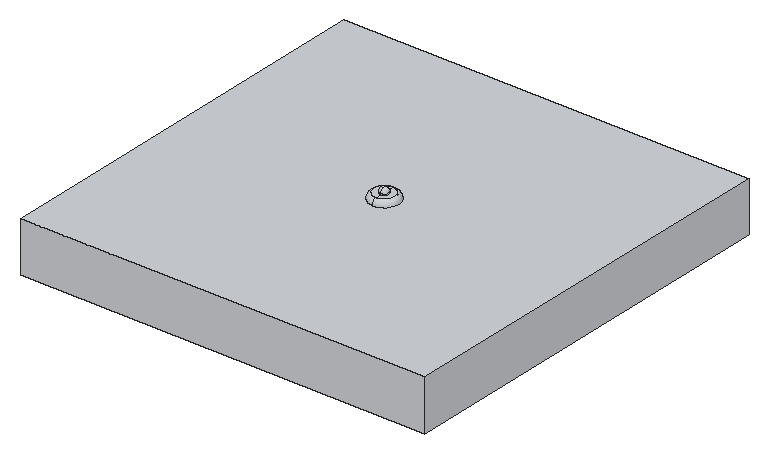
Revit family "M_Estroboscópio da sirene do alarme de incêndio - Montado no forro", category Dispositivos de alarme de incêndio, Revit 2019
Family settings
  Hospedeiro = Face
  Manter orientação da anotação = Sim
  Cota do conector redondo = Utilizar diâmetro
  Tipo de parte = Normal
  Número OmniClass = 23.85.30.21.11.17
  Título OmniClass = Other Components
  ID de item do Seek = Fire Alarm Horn Strobe - Ceiling Mounted-0000-CAN-ENU
  Corte com vazios quando carregada = Não
  Compartilhado = Não
  Ponto de cálculo do ambiente = Não
Parameters (values of type "Padrão")
  Material da sirene = none
  Elevação-padrão = 1200 mm
Reference planes
  plane 1 "Centro (Frente/Trás)": y = 0
  plane 2: z = 0
  plane 3 "Centro (Esquerda/Direita)": x = 0
  plane 4: z = -38.1
  plane 5: z = 33.02
  plane 6: z = 63.5
  plane 7: x = 86.36
  plane 8: x = -86.36
  plane 9: y = 86.36
  plane 10: y = -86.36
  plane 11: z = 38.1
Forms (mm)
  Extrusion 1, solid
    sketch origin (0, 0, 0) x (1, 0, 0) y (0, 1, 0)
      loop
        line (-1219.2, 1219.2) -> (-1219.2, -1219.2) -> (1219.2, -1219.2) -> (1219.2, 1219.2) -> (-1219.2, 1219.2)
    from 0 to -304.8
  Extrusion 2, solid, material <- "Material da sirene"
    sketch origin (0, 0, 0) x (1, 0, 0) y (0, 1, 0)
      loop
        line (-50.8, 50.8) -> (-50.8, -50.8) -> (50.8, -50.8) -> (50.8, 50.8) -> (-50.8, 50.8)
    from 0 to -38.1
  Revolve 3, solid, material <- "Material da sirene"
    sketch origin (0, 0, 0) x (0, 1, 0) y (0, 0, 1)
      loop
        arc (86.36, 0) -> (80.244, 19.94) -> (63.998, 33.02) r 35.56
        line (63.998, 33.02) -> (0, 33.02) -> (0, 0) -> (86.36, 0)
      axis (0, 33.02) -> (0, 0)
    angle from 0 to 360
  Revolve 4, solid, material <- "Material da sirene"
    sketch origin (0, 0, 0) x (0, 1, 0) y (0, 0, 1)
      loop
        line (0, 63.5) -> (0, 33.02) -> (25.4, 33.02) -> (25.4, 38.1)
        arc (25.4, 38.1) -> (17.961, 56.061) -> (0, 63.5) r 25.4
      axis (0, 63.5) -> (0, 33.02)
    angle from 0 to 360
Cuts and joins
  joined: Extrusion 2, Revolve 3, Revolve 4
Lines and regions (mm)
  symbolic lines, detail levels fine
    curve 1: arc (0, -25.4, 0) -> (25.4, 0, 0) -> (0, 25.4, 0) r 25.4
    curve 2: arc (0, 25.4, 0) -> (-25.4, 0, 0) -> (0, -25.4, 0) r 25.4
    curve 3: arc (0, 63.998, 0) -> (-63.998, 0, 0) -> (0, -63.998, 0) r 63.998
    curve 4: arc (0, -63.998, 0) -> (63.998, 0, 0) -> (0, 63.998, 0) r 63.998
    curve 5: arc (0, 86.36, 0) -> (86.36, 0, 0) -> (0, -86.36, 0) r 86.36
    curve 6: arc (0, -86.36, 0) -> (-86.36, 0, 0) -> (0, 86.36, 0) r 86.36
Dimensions and locks
  locked: plane 2 to plane 4 at 38.1
  equal spacing: Extrusion 2 sketch curve, plane 3 "Centro (Esquerda/Direita)", Extrusion 2 sketch curve
  locked: Extrusion 2 sketch curve to Extrusion 2 sketch curve at 101.6  (x2)
  equal spacing: Extrusion 2 sketch curve, plane 1 "Centro (Frente/Trás)", Extrusion 2 sketch curve
  locked: plane 5 to plane 2 at 33.02
  locked: plane 6 to plane 2 at 63.5
  equal spacing: plane 10, plane 1 "Centro (Frente/Trás)", plane 9
  locked: plane 10 to plane 9 at 172.72
  equal spacing: plane 8, plane 3 "Centro (Esquerda/Direita)", plane 7
  locked: plane 8 to plane 7 at 172.72
  locked: plane 6 to plane 11 at 25.4
  aligned and locked: plane 2 to Extrusion 1
  aligned and locked: level to Extrusion 1
  aligned and locked: Extrusion 2 to plane 4
  aligned and locked: plane 2 to Extrusion 2
  aligned and locked: Revolve 3 sketch curve to plane 2
  aligned and locked: plane 5 to Revolve 3 sketch curve
  aligned and locked: plane 1 "Centro (Frente/Trás)" to Revolve 3 sketch curve
  aligned and locked: plane 1 "Centro (Frente/Trás)" to Revolve 4 sketch curve  (x2)
  aligned and locked: Revolve 4 sketch curve to plane 5
  aligned and locked: plane 11 to Revolve 4 sketch curve
  aligned and locked: curve 1 to cut or joined group of Extrusion 2, Revolve 3, Revolve 4
  aligned and locked: curve 2 to cut or joined group of Extrusion 2, Revolve 3, Revolve 4
  aligned and locked: curve 3 to cut or joined group of Extrusion 2, Revolve 3, Revolve 4
  aligned and locked: curve 4 to cut or joined group of Extrusion 2, Revolve 3, Revolve 4
  aligned and locked: curve 5 to cut or joined group of Extrusion 2, Revolve 3, Revolve 4
  aligned and locked: curve 6 to cut or joined group of Extrusion 2, Revolve 3, Revolve 4
  aligned and locked: nested 1 to plane 3 "Centro (Esquerda/Direita)"
  aligned and locked: nested 1 to plane 1 "Centro (Frente/Trás)"
Automatic sketch dimensions
  Extrusion 1 sketch curve to Extrusion 1 sketch curve = 2438.4 mm  (x2)
  Revolve 3 sketch curve to plane 1 "Centro (Frente/Trás)" = 0 mm
  Revolve 3 sketch curve to plane 9 = 0 mm
  Revolve 3 sketch curve to Revolve 3 sketch curve = 35.56 mm
  Revolve 3 sketch curve to plane 4 = 74.93 mm
  Revolve 3 sketch curve to plane 6 = 26.67 mm
  plane 6 to Revolve 4 sketch curve = 0 mm
  plane 4 to Revolve 4 sketch curve = 16.123 mm
  Revolve 4 sketch curve to plane 6 = 35.173 mm
Nested families
  nested 1: "M_Anotação do estroboscópio da sirene do alarme de incêndio 2" at (0, 0, 0) x (-1, 0, 0) z (0, 0, 1), type "Anotação do estroboscópio da sirene do alarme de incêndio 2", detail levels coarse+medium
Connectors
  electrical at (0, 50.8, -15.24)
    settings: on cut or joined group of Extrusion 2, Revolve 3, Revolve 4, index 1, voltage 0 V, apparent load 0 VA, apparent load phase1 0 VA, apparent load phase2 0 VA, apparent load phase3 0 VA, power factor 1, load classification "Outros", number of poles 1, system type 11, power factor state 1, is connector primary yes, connector utility no, sub classification motor no, connector description ""
Definition of nested family "M_Anotação do estroboscópio da sirene do alarme de incêndio 2"
  Parameters
    Anotação de legenda = "F"
  Reference planes
    plane 1: y = 0
    plane 2: x = 0
  Lines and regions (mm)
    reference lines
      curve 1: line (-3.175, 30.805, 0) -> (-3.175, -4.716, 0)
      curve 2: line (0, 36.254, 0) -> (0, -4.716, 0)
      curve 3: line (-6.692, 1.587, 0) -> (10.404, 1.587, 0)
      curve 8: line (3.175, 6.294, 0) -> (3.175, -3.776, 0)
      curve 9: line (-9.871, 0, 0) -> (21.048, 0, 0)
      curve 10: line (1.587, 2.771, 0) -> (1.587, -4.323, 0)
    detail lines
      curve 4: line (-3.175, 1.587, 0) -> (0, 1.587, 0)
      curve 5: line (-3.175, -1.588, 0) -> (-3.175, 1.587, 0)
      curve 6: line (0, -1.588, 0) -> (-3.175, -1.588, 0)
      curve 7: line (0, 1.587, 0) -> (0, -1.588, 0)
      curve 11: circle (1.587, 0, 0) r 1.587 normal (0, 0, 1)
      curve 12: line (0, 1.587, 0) -> (0.465, 1.123, 0)
      curve 13: line (3.175, 1.587, 0) -> (2.71, 1.123, 0)
      curve 14: line (0, -1.588, 0) -> (0.465, -1.123, 0)
      curve 15: line (3.175, -1.588, 0) -> (2.71, -1.123, 0)
  Text (mm)
    label "F" at (-2.642, -0.167, 0), shows "Anotação de legenda"
  Dimensions and locks
    locked: curve 2 to curve 8 at 3.175
    locked: curve 1 to curve 2 at 3.175
    locked: curve 2 to plane 2 at 0
    locked: curve 2 to curve 10 at 1.587
    locked: curve 9 to curve 3 at 1.587
    aligned and locked: curve 3 to curve 4
    aligned and locked: curve 2 to curve 7
    aligned: curve 6 to plane 1
    aligned and locked: curve 5 to curve 1
    aligned and locked: curve 9 to curve 11
    aligned and locked: curve 10 to curve 11
